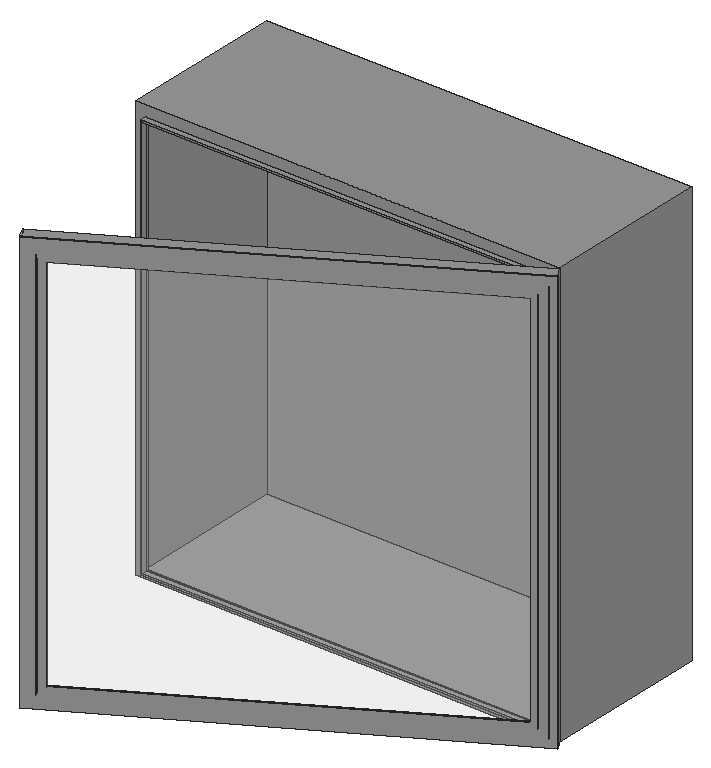
Revit family "Hager-Orion_Inox-IP66-D250-Cl.I-Inox_encl-630A-600mm-NoHosted-CH-de", category Electrical Equipment, Revit 2020
Family settings
  Panel Configuration = Two Columns, Circuits Across
  Round Connector Dimension = Use Diameter
  Part Type = Panelboard
  Work Plane-Based = Yes
  Always vertical = Yes
  Cut with Voids When Loaded = No
  Shared = No
  Room Calculation Point = No
Parameters (values of type "Aufputz IP66 B600 H600 T250  - FL029TWL")
  Width Control [instance] = if([EF000008 - Breite] > Min Width, [EF000008 - Breite], Min Width)  # 600 mm
  Type Comments = [HG000003 - Bereich]  # "Orion Inox"
  Thickness Door [instance] = if([EF009171 - Materialstärke Tür/Deckel] > 3 mm, 3 mm, [EF009171 - Materialstärke Tür/Deckel])  # 1.5 mm
  Seal Frame Offset [instance] = 17 mm  # constant formula
  Min Width [instance] = 100 mm  # constant formula
  Min Depth [instance] = (2 * [EF009170 - Materialstärke Gehäuse]) + 1 mm  # 4 mm
  Min Height [instance] = 100 mm  # constant formula
  Internal Frame Depth [instance] = -(Door System Depth * 0.5)  # -9 mm
  Panel Name [instance] = ""  # (empty or 0)
  Model = ""
  HG000027 - Sockelhöhe = 0 mm
  HG000026 - Stehend auf dem Boden = no
  HG000024 - Höhe des unteren Teils = 600 mm
  HG000023 - Gehäuse mit doppeltem Querschnitt = no
  HG000016 - 3D-Türsichtbarkeit [instance] = yes
  HG000015 - Sichtbarkeit der Türöffnung [instance] = no
  HG000014 - Tür rechts [instance] = yes
  HG000013 - Tür links [instance] = not([HG000014 - Tür rechts])  # no
  HG000012 - Türschwenkwinkel [instance] = 30.00°
  HG000010 - Asymmetrische Türen = no
  HG000009 - Doppelflügeligen Tür = no
  HG000006 - Unterputz = no
  HG000004 - Herstellerreferenz = "FL029TWL"
  HG000003 - Bereich = "Orion Inox"
  HG000002 - Mit tür = yes
  Frame Offset Bottom [instance] = 10 mm  # constant formula
  Frame Offset [instance] = 15 mm  # constant formula
  EF015940 - Deckel mit Überdruckentlastung = no
  EF011959 - Schutzart (NEMA) = ""
  EF009554 - Anzahl der Öffnungen für Flanschplatten = 0
  EF009212 - Ausführung Deckel = "EV000116 - geschlossen"
  EF009171 - Materialstärke Tür/Deckel = 1.5 mm
  EF009170 - Materialstärke Gehäuse = 1.5 mm
  EF008873 - Nennstrom (In) = 630 A
  EF007800 - Geeignet für Blitzschutz = no
  EF006306 - Mit Schloss = yes
  EF006244 - Transparenter Deckel/Tür = yes
  EF005474 - Schutzart (IP) = "EV006422 - IP66"
  EF004464 - Art der Tür = "EV002646 - Einzel"
  EF004427 - Anzahl der Module = 0
  EF004293 - Schlagfestigkeit = "EV006814 - IK08"
  EF003532 - Geeignet für Außengebrauch = yes
  EF002950 - Breite in Teilungseinheiten = 0
  EF001613 - Funktionserhalt = "EV000494 - ohne"
  EF001596 - Werkstoff des Gehäuses = "EV000166 - rostfreier Stahl"
  EF001131 - Innentiefe = 216 mm
  EF001088 - Anbaumöglichkeit = yes
  EF000437 - Anzahl der Leitungseinführungen = 0
  EF000339 - Art der Abdeckung = "EV004216 - Tür"
  EF000266 - Anzahl der Reihen = 0
  EF000218 - Einbautiefe = 0 mm
  EF000118 - Mit Montageplatte = no
  EF000116 - RAL-Nummer = ""
  EF000049 - Tiefe = 250 mm
  EF000040 - Höhe = 600 mm
  EF000008 - Breite = 600 mm
  EF000007 - Farbe = "EV000154 - sonstige"
  EF000003 - Montageart = "EV000384 - Aufputz"
  Door System Leaf Tolerance [instance] = 1.5 mm  # constant formula
  Door System Depth [instance] = 18 mm  # constant formula
  Description = ""
  Default Elevation = 1219.2 mm
  Connector Offset [instance] = Height Control / 2  # 300 mm
  Manufacturer = "Hager"  # constant formula
  Height Control [instance] = if([EF000040 - Höhe] > Min Height, [EF000040 - Höhe], Min Height)  # 600 mm
  Depth Control [instance] = if([EF000049 - Tiefe] > Min Depth, [EF000049 - Tiefe], Min Depth)  # 250 mm
Types (4, lengths in mm): name | Width Control | HG000004 - Herstellerreferenz | EF009212 - Ausführung Deckel | EF006306 - Mit Schloss | EF006244 - Transparenter Deckel/Tür | EF004293 - Schlagfestigkeit | EF001613 - Funktionserhalt | EF000008 - Breite
  Aufputz IP66 B400 H600 T250  - FL029BW | 400 | "FL029BW" | "EV009916 - mit Ausschnitt" | no | no | "EV008784 - IK10" | "" | 400
  Aufputz IP66 B600 H600 T250  - FL029BWL | 600 | "FL029BWL" | "EV009916 - mit Ausschnitt" | no | no | "EV008784 - IK10" | "" | 600
  Aufputz IP66 B600 H600 T250  - FL029TW | 600 | "FL029TW" | "EV000116 - geschlossen" | yes | yes | "EV006814 - IK08" | "EV000494 - ohne" | 600
  Aufputz IP66 B600 H600 T250  - FL029TWL | 600 | "FL029TWL" | "EV000116 - geschlossen" | yes | yes | "EV006814 - IK08" | "EV000494 - ohne" | 600
Reference planes
  plane 1 "Center (Front/Back)": y = 0
  plane 2: z = 0
  plane 3 "Center (Left/Right)": x = 0
  plane 4: y = 0
  plane 5: y = 0
  plane 6: z = 0
  plane 7: x = -300
  plane 8: x = 300
  plane 9: x = 298.5
  plane 10: x = -298.5
  plane 11: z = 0
  plane 12: z = 1.5
  plane 13: y = -250
  plane 14: y = -1.5
  plane 15: x = 0
  plane 16: y = -232
  plane 17: y = -248.5
  plane 18: y = -230.5
  plane 19: x = -283.5
  plane 20: x = 283.5
  plane 21: z = 11.5
  plane 22: x = -283
  plane 23: x = 283
  plane 24: z = 0
  plane 25: z = 600
  plane 26: z = 600
  plane 27: z = 583.5
  plane 28: z = 598.5
Forms (mm)
  Extrusion 1, solid, material "Hager_Stainless_Steel", detail levels medium+fine
    sketch origin (-208.679, -4572, 0) x (-1, 0, 0) y (0, -1, 0)
      loop
        line (91.321, -4340) -> (-508.679, -4340) -> (-508.679, -4572) -> (91.321, -4572) -> (91.321, -4340)
    from 0 to 600
  Extrusion 2, void
    sketch origin (-350.771, -250, 1219.2) x (1, 0, 0) y (0, 0, 1)
      loop
        line (52.271, -620.7) -> (52.271, -1217.7) -> (649.271, -1217.7) -> (649.271, -620.7) -> (52.271, -620.7)
    from -19.5 to -248.5
  Extrusion 3, void
    sketch origin (-290.084, -232, 1219.2) x (1, 0, 0) y (0, 0, 1)
      loop
        line (6.584, -1207.7) -> (573.584, -1207.7) -> (573.584, -635.7) -> (6.584, -635.7) -> (6.584, -1207.7)
    from 0 to -1.5
  Extrusion 4, solid, material "Hager_Stainless_Steel", detail levels fine
    sketch origin (-290.084, -232, 1219.2) x (-1, 0, 0) y (0, 0, 1)
      loop
        line (-573.584, -1207.7) -> (-6.584, -1207.7) -> (-6.584, -635.7) -> (-573.584, -635.7) -> (-573.584, -1207.7)
      loop
        line (-575.084, -1209.2) -> (-5.084, -1209.2) -> (-5.084, -634.2) -> (-575.084, -634.2) -> (-575.084, -1209.2)
    from 0 to -9 <- "Internal Frame Depth"
  Extrusion 5, solid, material "Hager_Stainless_Steel", detail levels coarse
    sketch origin (0, 0, 0) x (1, 0, 0) y (0, 1, 0)
      loop
        line (-300, 0) -> (-300, -250) -> (300, -250) -> (300, 0) -> (-300, 0)
    from 0 to 600 <- "Height Control"
Cuts and joins
  Extrusion 2, Extrusion 3 cuts Extrusion 1
Lines and regions (mm)
  Masking region 1
    outline origin (0, 0, 0) x (1, 0, 0) y (0, 1, 0)
      loop
        line (-300, 0) -> (-300, -250) -> (300, -250) -> (300, 0) -> (-300, 0)
  Masking region 2
    outline origin (-290.084, -232, 1219.2) x (-1, 0, 0) y (0, 0, 1)
      loop
        line (-590.084, -1219.2) -> (9.916, -1219.2) -> (9.916, -619.2) -> (-590.084, -619.2) -> (-590.084, -1219.2)
  Masking region 3, detail levels coarse
    outline origin (0, 0, 0) x (0, 1, 0) y (0, 0, 1)
      loop
        line (0, 0) -> (0, 600) -> (-250, 600) -> (-250, 0) -> (0, 0)
  Masking region 4, detail levels medium+fine
    outline origin (0, 0, 594.038) x (0, 1, 0) y (0, 0, 1)
      loop
        line (0, -594.038) -> (0, 5.962) -> (-232, 5.962) -> (-232, -594.038) -> (0, -594.038)
Dimensions and locks
  locked: plane 1 "Center (Front/Back)" to plane 5
  "EF009170 - Materialstärke Gehäuse": plane 7 to plane 10
  "EF009170 - Materialstärke Gehäuse": plane 8 to plane 9
  equal spacing: plane 7, plane 3 "Center (Left/Right)", plane 8
  "Width Control": plane 7 to plane 8
  "Depth Control": plane 4 to plane 13
  "EF009170 - Materialstärke Gehäuse": plane 4 to plane 14
  "Height Control": plane 25 to level
  "EF009170 - Materialstärke Gehäuse": plane 12 to plane 11
  "EF009170 - Materialstärke Gehäuse": plane 17 to plane 13
  "EF009170 - Materialstärke Gehäuse": plane 18 to plane 16
  "Frame Offset Bottom": plane 21 to plane 12
  "Frame Offset": plane 10 to plane 19
  "Frame Offset": plane 9 to plane 20
  "Door System Depth": plane 16 to plane 13
  "Seal Frame Offset": plane 7 to plane 22
  "Seal Frame Offset": plane 8 to plane 23
  "EF009170 - Materialstärke Gehäuse": plane 26 to plane 28
  "Frame Offset": plane 28 to plane 27
  "Connector Offset": plane 2 to connector elem
  "Thickness Door": cut or joined group of Extrusion 1, Extrusion 2, Extrusion 3 to Extrusion 4 sketch curve
  "Thickness Door": Extrusion 4 sketch curve to plane 19
  "Thickness Door": Extrusion 4 sketch curve to plane 20
  "Thickness Door": Extrusion 4 sketch curve to plane 27
  aligned and locked: Extrusion 2 sketch curve to plane 12
  aligned and locked: Extrusion 2 sketch curve to plane 9
  aligned and locked: Extrusion 2 sketch curve to plane 10
  aligned and locked: plane 14 to Extrusion 2
  aligned and locked: plane 4 to Extrusion 1 sketch curve
  aligned and locked: plane 8 to Extrusion 1 sketch curve
  aligned and locked: plane 7 to Extrusion 1 sketch curve
  aligned and locked: Extrusion 2 to plane 18
  aligned and locked: Extrusion 3 sketch curve to plane 19
  aligned and locked: plane 20 to Extrusion 3 sketch curve
  aligned and locked: Extrusion 3 to Extrusion 2
  aligned and locked: Extrusion 3 sketch curve to plane 21
  aligned and locked: plane 3 "Center (Left/Right)" to nested 1
  aligned and locked: Extrusion 1 sketch curve to plane 16
  aligned and locked: Masking region 1 sketch curve to plane 7
  aligned and locked: Masking region 1 sketch curve to plane 5
  aligned and locked: Masking region 1 sketch curve to plane 8
  aligned and locked: Masking region 2 sketch curve to level
  aligned and locked: level to Masking region 3 sketch curve
  aligned and locked: plane 1 "Center (Front/Back)" to Masking region 3 sketch curve
  aligned and locked: plane 13 to Masking region 3 sketch curve
  aligned and locked: Masking region 2 sketch curve to plane 8
  aligned and locked: Masking region 2 sketch curve to plane 7
  aligned and locked: plane 7 to nested 2
  aligned and locked: nested 2 to plane 5
  aligned and locked: plane 5 to Masking region 4 sketch curve
  aligned and locked: plane 26 to Masking region 4 sketch curve
  aligned and locked: Extrusion 5 sketch curve to plane 8
  aligned and locked: Extrusion 5 sketch curve to plane 7
  aligned and locked: Extrusion 5 sketch curve to plane 5
  aligned and locked: Extrusion 3 sketch curve to plane 27
  aligned and locked: Extrusion 2 sketch curve to plane 28
  aligned and locked: Extrusion 4 sketch curve to plane 27
  aligned and locked: Extrusion 4 sketch curve to plane 20
  aligned and locked: Extrusion 4 sketch curve to plane 21
  aligned and locked: Extrusion 4 sketch curve to plane 19
  aligned and locked: Masking region 2 to plane 25
  aligned and locked: Masking region 4 sketch curve to plane 24
  aligned and locked: Masking region 1 to plane 13
  aligned and locked: nested 1 to plane 16
  aligned and locked: Masking region 3 to plane 25
  aligned and locked: Masking region 4 sketch curve to plane 16
  aligned and locked: plane 24 to plane 11
  aligned and locked: plane 26 to plane 25
  aligned and locked: level to plane 24
  aligned and locked: Extrusion 1 to Masking region 3
  aligned and locked: level to nested 1
Automatic sketch dimensions
  Extrusion 5 sketch curve to plane 13 = 0 mm
  plane 27 to Masking region 2 sketch curve = 16.5 mm
  plane 27 to Masking region 3 sketch curve = 16.5 mm
  Masking region 1 sketch curve to plane 13 = 0 mm
  Extrusion 3 sketch curve to plane 21 = 0 mm
  plane 19 to Extrusion 3 sketch curve = 0 mm
  Extrusion 3 sketch curve to plane 20 = 0 mm
Nested families
  nested 1: "EC000058_OrionInox_Door" at (0, -232, 0), Double <- "HG000009 - Doppelflügeligen Tür", Transparent <- "EF006244 - Transparenter Deckel/Tür", Angle <- "HG000012 - Türschwenkwinkel", Door_Right <- "HG000014 - Tür rechts", Assymetrical <- "HG000010 - Asymmetrische Türen", Door <- "HG000002 - Mit tür", Width_Ctrl <- "Width Control", 3d_Door <- "HG000016 - 3D-Türsichtbarkeit", Clearance <- "HG000015 - Sichtbarkeit der Türöffnung", Door_Left <- "HG000013 - Tür links", Width <- "Width Control", Door_Depth <- "Door System Depth", Leaf_Tolerance <- "Door System Leaf Tolerance", Height <- "Height Control", Thickness <- "Thickness Door", type "EC000058_OrionInox_Door", detail levels medium+fine
    with min_wh 4 mm, Width_Ctrl 600 mm, Width 600 mm, Transparent yes, Thickness 1.5 mm, Seal_Material Hager_Rubber, Leaf_Width 600 mm, Leaf_Tolerance_External_Sides 0 mm, Leaf_Tolerance 1.5 mm, Leaf_Offset 0 mm, Leaf_Height 597 mm, Leaf_2_Width 600 mm, Leaf_2_Offset 300 mm, Leaf_1_Width 600 mm, Leaf_1_Offset 300 mm, Height_Ctrl 600 mm, Height 600 mm, Glass_Material Hager_Glass, Double_Clearance_Ctrl no, Double no, Door_Right_Ctrl yes, Door_Right yes, Door_Material Hager_Stainless_Steel, Door_Left_Ctrl no, Door_Left no, Door_Depth 18 mm, Door yes, Clearance_Material Hager_Clearance, Clearance_Depth 600 mm, Clearance_Ctrl no, Clearance no, Assymetrical no, Angle 30.00°, 3d_Door yes
  nested 2: "Hager_Enclosure_Symbol" at (-300, 0, 0), Height <- "Depth Control", Width <- "Width Control", type "Hager_Enclosure_Symbol"
    with Width_Ctrl 600 mm, Width 600 mm, Height_Ctrl 250 mm, Height 250 mm, A_Width_Int 16.406 mm, A_Width 196.875 mm, A_Height_Ctrl 218.75 mm, A_Height 218.75 mm
Connectors
  electrical at (0, 0, 300)
    settings: on plane 1 "Center (Front/Back)", index 1, voltage 0 V, apparent load 0 VA, apparent load phase1 0 VA, apparent load phase2 0 VA, apparent load phase3 0 VA, power factor 1, load classification "Other", number of poles 1, system type 30, power factor state 1, is connector primary yes, connector utility no, sub classification motor no, connector description ""
Definition of nested family "EC000058_OrionInox_Door"
  Parameters (values of type "EC000058_OrionInox_Door")
    min_wh [instance] = (2 * Thickness) + 1 mm  # 11 mm
    Width_Ctrl [instance] = 400 mm
    Width [instance] = 500 mm
    Transparent [instance] = yes
    Thickness [instance] = 5 mm
    Seal_Material [instance] = none
    Leaf_Width [instance] = if((Width_Ctrl - 2 * Leaf_Tolerance_External_Sides) > 0 mm, (Width_Ctrl - 2 * Leaf_Tolerance_External_Sides), min_wh)  # 400 mm
    Leaf_Tolerance_External_Sides [instance] = 0 mm  # constant formula
    Leaf_Tolerance [instance] = 1.5 mm
    Leaf_Offset [instance] = 0 mm  # constant formula
    Leaf_Height [instance] = if((Height_Ctrl - 2 * Leaf_Tolerance) > 0 mm, (Height_Ctrl - 2 * Leaf_Tolerance), min_wh)  # 497 mm
    Leaf_2_Width [instance] = if(and(and(Double, Assymetrical), Door_Left), (Leaf_Width / 3) - (Leaf_Tolerance / 2), if(and(and(Double, Assymetrical), Door_Right), (Leaf_Width / 3) * 2 - (Leaf_Tolerance / 2), if(and(Double, not(Assymetrical)), (Leaf_Width / 2) - Leaf_Tolerance, Leaf_Width)))  # 400 mm
    Leaf_2_Offset [instance] = if(and(Double, Assymetrical), Leaf_2_Width / 2, if(and(Double, not(Assymetrical)), Leaf_Width / 4, Leaf_Width / 2))  # 200 mm
    Leaf_1_Width [instance] = if(and(and(Double, Assymetrical), Door_Right), (Leaf_Width / 3) - (Leaf_Tolerance / 2), if(and(and(Double, Assymetrical), Door_Left), (Width / 3) * 2 - (Leaf_Tolerance / 2), if(and(Double, not(Assymetrical)), (Leaf_Width / 2) - Leaf_Tolerance, Leaf_Width)))  # 400 mm
    Leaf_1_Offset [instance] = if(and(Double, Assymetrical), Leaf_1_Width / 2, if(and(Double, not(Assymetrical)), Leaf_Width / 4, Leaf_Width / 2))  # 200 mm
    Height_Ctrl [instance] = if(Height > min_wh, Height, min_wh)  # 500 mm
    Height [instance] = 500 mm
    Glass_Material [instance] = none
    Double_Clearance_Ctrl [instance] = and(Double, Clearance)  # no
    Double [instance] = no
    Door_Right_Ctrl [instance] = and(or(Door_Right, Double), Door)  # yes
    Door_Right [instance] = yes
    Door_Material [instance] = none
    Door_Left_Ctrl [instance] = and(or(Door_Left, Double), Door)  # no
    Door_Left [instance] = no
    Door_Depth [instance] = 30 mm
    Door [instance] = yes
    Default Elevation = 1219.2 mm
    Clearance_Material [instance] = none
    Clearance_Depth [instance] = if(Leaf_1_Width > Leaf_2_Width, Leaf_1_Width, Leaf_2_Width)  # 400 mm
    Clearance_Ctrl [instance] = and(not(Double), Clearance)  # yes
    Clearance [instance] = yes
    Assymetrical [instance] = yes
    Angle [instance] = 30.00°
    3d_Door [instance] = yes
  Reference planes
    plane 1 "Center (Front/Back)": y = 0
    plane 2 "Bottom": z = 0
    plane 3 "Center (Left/Right)": x = 0
    plane 4: z = 500
    plane 5: x = -200
    plane 6: x = 200
    plane 7: z = 500
    plane 8: x = -200
    plane 9: z = 0
    plane 10: x = 200
    plane 11: y = 0
    plane 12: z = 1.5
    plane 13: x = -600
    plane 14: y = -400
    plane 15: x = 600
    plane 16: x = 0
    plane 17: x = 0
    plane 18: x = -200
    plane 19: x = 200
    plane 20: z = 498.5
  Forms (mm)
    Extrusion 1, solid, material <- "Clearance_Material", visible <- "Double_Clearance_Ctrl"
      sketch origin (1200, 0, 0) x (1, 0, 0) y (0, 0, -1)
        loop
          line (-1800, -498.5) -> (-600, -498.5) -> (-600, 0) -> (-1800, 0) -> (-1800, -498.5)
      from 0 to -400
  Dimensions and locks
    equal spacing: plane 5, plane 3 "Center (Left/Right)", plane 6
    "Width_Ctrl": plane 5 to plane 6
    "Leaf_Offset": plane 5 to plane 8
    "Leaf_Offset": plane 6 to plane 10
    "Leaf_Offset": plane 9 to level
    "Leaf_Offset": plane 4 to plane 7
    "Height_Ctrl": plane 4 to level
    "Leaf_Tolerance": plane 12 to plane 9
    locked: plane 11 to plane 1 "Center (Front/Back)"
    "Leaf_1_Offset": plane 18 to plane 16
    "Leaf_2_Offset": plane 17 to plane 19
    "Leaf_1_Width": plane 13 to plane 8
    "Leaf_2_Width": plane 10 to plane 15
    "Clearance_Depth": plane 14 to plane 1 "Center (Front/Back)"
    "Leaf_Tolerance_External_Sides": plane 8 to plane 18
    "Leaf_Tolerance_External_Sides": plane 19 to plane 10
    "Leaf_Tolerance": plane 7 to plane 20
    aligned and locked: level to plane 2 "Bottom"
    aligned and locked: nested 1 to plane 16
    aligned and locked: nested 2 to plane 17
    aligned and locked: Extrusion 1 to plane 13
    aligned and locked: plane 15 to Extrusion 1
    aligned and locked: Extrusion 1 to plane 14
    aligned and locked: plane 12 to nested 1
    aligned and locked: nested 2 to plane 12
    aligned and locked: Extrusion 1 to plane 11
    aligned and locked: plane 20 to Extrusion 1
    aligned and locked: nested 2 to plane 11
    aligned and locked: nested 1 to plane 11
  Automatic sketch dimensions
    Extrusion 1 sketch curve to level = 0 mm
    plane 5 to Extrusion 1 sketch curve = 400 mm
    plane 6 to Extrusion 1 sketch curve = 400 mm
    Extrusion 1 sketch curve to plane 4 = 1.5 mm
  Nested families
    nested 1: "EC000058_OrionInox_Door_Leaf" at (0, 0, 1.5), Width <- "Leaf_1_Width", visible <- "Door_Left_Ctrl", Leaf_Height <- "Leaf_Height", Angle <- "Angle", 3d_Door <- "3d_Door", Transparent <- "Transparent", Clearance Material <- "Clearance_Material", Clearance <- "Clearance_Ctrl", Door_Material <- "Door_Material", Glass_Material <- "Glass_Material", Door_Depth <- "Door_Depth", Seal_Material <- "Seal_Material", Thickness <- "Thickness", type "EC000058_OrionInox_Door_Leaf"
      with Width 400 mm, Transparent_Ctrl yes, Transparent yes, Thickness 5 mm, Standard no, Seal_Material none, Seal_D2 8 mm, Seal_D1 1 mm, Offset_Internal_Frame 10 mm, Lock_Width 28 mm, Lock_Thickness 2 mm, Lock_Radius 6 mm, Leaf_Height 497 mm, Internal_Seal_Thickness 8 mm, Internal_Seal_Depth_2 4.5 mm, Internal_Frame_Depth 25 mm, Glass_Thickness -1 mm, Glass_Offset -2 mm, Glass_Material none, Door_Material none, Door_Depth 30 mm, Clearance Material none, Clearance yes, Angle_Ctrl 30.00°, Angle 30.00°, 3d_Door yes
    nested 2: "EC000058_OrionInox_Door_Leaf" at (0, 0, 1.5) x (-1, 0, 0) z (0, 0, 1), Width <- "Leaf_2_Width", visible <- "Door_Right_Ctrl", Leaf_Height <- "Leaf_Height", Angle <- "Angle", 3d_Door <- "3d_Door", Transparent <- "Transparent", Clearance Material <- "Clearance_Material", Clearance <- "Clearance_Ctrl", Door_Material <- "Door_Material", Glass_Material <- "Glass_Material", Door_Depth <- "Door_Depth", Seal_Material <- "Seal_Material", Thickness <- "Thickness", type "EC000058_OrionInox_Door_Leaf"
      with Width 400 mm, Transparent_Ctrl yes, Transparent yes, Thickness 5 mm, Standard no, Seal_Material none, Seal_D2 8 mm, Seal_D1 1 mm, Offset_Internal_Frame 10 mm, Lock_Width 28 mm, Lock_Thickness 2 mm, Lock_Radius 6 mm, Leaf_Height 497 mm, Internal_Seal_Thickness 8 mm, Internal_Seal_Depth_2 4.5 mm, Internal_Frame_Depth 25 mm, Glass_Thickness -1 mm, Glass_Offset -2 mm, Glass_Material none, Door_Material none, Door_Depth 30 mm, Clearance Material none, Clearance yes, Angle_Ctrl 30.00°, Angle 30.00°, 3d_Door yes
  Definition of nested family "EC000058_OrionInox_Door_Leaf"
    Parameters (values of type "EC000058_OrionInox_Door_Leaf")
      Width [instance] = 450 mm
      Transparent_Ctrl [instance] = and(Transparent, [3d_Door])  # yes
      Transparent [instance] = yes
      Thickness [instance] = 5 mm
      Standard [instance] = and(not(Transparent), [3d_Door])  # no
      Seal_Material [instance] = none
      Seal_D2 [instance] = 8 mm  # constant formula
      Seal_D1 [instance] = 1 mm  # constant formula
      Offset_Internal_Frame [instance] = 10 mm  # constant formula
      Lock_Width [instance] = Door_Depth - Lock_Thickness  # 28 mm
      Lock_Thickness [instance] = 2 mm  # constant formula
      Lock_Radius [instance] = 6 mm  # constant formula
      Leaf_Height [instance] = 450 mm
      Internal_Seal_Thickness [instance] = 8 mm  # constant formula
      Internal_Seal_Depth_2 [instance] = 4.5 mm  # constant formula
      Internal_Frame_Depth [instance] = if(Door_Depth - Thickness > 5 mm, Door_Depth - Thickness, 5 mm)  # 25 mm
      Glass_Thickness [instance] = if(Thickness > 15 mm, Glass_Offset + 10 mm, -1 mm)  # -1 mm
      Glass_Offset [instance] = if(Thickness > 15 mm, -(Thickness + 10 mm) / 2, -2 mm)  # -2 mm
      Glass_Material [instance] = none
      Door_Material [instance] = none
      Door_Depth [instance] = 30 mm
      Default Elevation = 0 mm
      Clearance Material [instance] = none
      Clearance [instance] = yes
      Angle_Ctrl [instance] = if(Angle > 180.00°, 180.00°, Angle)  # 90.00°
      Angle [instance] = 90.00°
      3d_Door [instance] = yes
    Reference planes
      plane 1 "Center (Front/Back)": y = 0
      plane 2: z = 0
      plane 3 "Center (Left/Right)": x = 0
      plane 4: y = 450
      plane 5: x = -225
      plane 6: x = 225
      plane 7: x = -675
      plane 8: z = 450
      plane 9: z = 30
      plane 10: z = 420
      plane 11: x = 195
      plane 12: x = -195
      plane 13: y = -3
      plane 14: z = 107.833
      plane 15: y = -5
      plane 16: y = -223.314
      plane 17: x = -225
      plane 18: y = 30
    Forms (mm)
      Extrusion 1, solid, material <- "Clearance Material", visible <- "Clearance"
        sketch origin (0, 0, 0) x (1, 0, 0) y (0, 0, 1)
          loop
            line (-675, 450) -> (-675, 0) -> (225, 0) -> (225, 450) -> (-675, 450)
        from 0 to -450
      Extrusion 2, solid, material <- "Door_Material", visible <- "Standard", detail levels medium+fine
        sketch origin (-225, 0, 0) x (0, 1, 0) y (-1, 0, 0)
          loop
            line (0, 30) -> (0, 25) -> (450, 25) -> (450, 30) -> (0, 30)
        from 0 to 450 <- "Leaf_Height"
      Extrusion 3, solid, material <- "Door_Material", visible <- "Transparent_Ctrl", detail levels medium+fine
        sketch origin (-225, 0, 0) x (0, 1, 0) y (-1, 0, 0)
          loop
            line (0, 25) -> (450, 25) -> (450, 30) -> (0, 30) -> (0, 25)
        from 0 to 450 <- "Leaf_Height"
      Extrusion 4, void
        sketch origin (-250, 450, 0) x (0, 1, 0) y (0, 0, -1)
          loop
            line (-30, -420) -> (-30, -30) -> (-420, -30) -> (-420, -420) -> (-30, -420)
        from 0 to 5 <- "Thickness"
      Sweep 5, solid, material <- "Seal_Material", visible <- "Transparent_Ctrl", detail levels fine
        path in 3D
          loop
            line (-250, 30, 30) -> (-250, 30, 420) -> (-250, 420, 420) -> (-250, 420, 30) -> (-250, 30, 30)
        profile origin (-250, 225, 30) x (1, 0, 0) y (0, 0, 1)
          loop
            line (0, 0) -> (0, -8) -> (1, -8) -> (1, 0) -> (0, 0)
      Extrusion 6, solid, material <- "Glass_Material", visible <- "Transparent_Ctrl", detail levels medium+fine
        sketch origin (-255, 0, 0) x (0, 1, 0) y (0, 0, -1)
          loop
            line (420, -420) -> (420, -30) -> (30, -30) -> (30, -420) -> (420, -420)
        from -2 <- "Glass_Offset" to -1 <- "Glass_Thickness"
      Extrusion 7, solid, material <- "Door_Material", visible <- "3d_Door", detail levels medium+fine
        sketch origin (-250, 450, 0) x (0, -1, 0) y (0, 0, -1)
          loop
            line (0, -450) -> (450, -450) -> (450, 0) -> (0, 0) -> (0, -450)
          loop
            line (445, -5) -> (5, -5) -> (5, -445) -> (445, -445) -> (445, -5)
        from 0 to 25 <- "Internal_Frame_Depth"
      Sweep 8, solid, material <- "Seal_Material", visible <- "Transparent_Ctrl", detail levels fine
        path in 3D
          loop
            line (-250, 0, 0) -> (-250, 450, 0) -> (-250, 450, 450) -> (-250, 0, 450) -> (-250, 0, 0)
        profile origin (-250, 0, 225) x (1, 0, 0) y (0, 1, 0)
          loop
            line (0, 10) -> (2.975, 10)
            arc (2.975, 10) -> (4.053, 10.447) -> (4.5, 11.525) r 1.525
            line (4.5, 11.525) -> (4.5, 16.527)
            arc (4.5, 16.527) -> (4.069, 17.569) -> (3.027, 18) r 1.473
            line (3.027, 18) -> (0, 18) -> (0, 10)
    Cuts and joins
      Extrusion 4 cuts Extrusion 3
    Lines and regions (mm)
      Masking region 1, detail levels medium+fine
        outline origin (0, 0, 0) x (0, 1, 0) y (0, 0, 1)
          loop
            line (0, 0) -> (30, 0) -> (30, 450) -> (0, 450) -> (0, 0)
      Masking region 2, detail levels medium+fine
        outline origin (0, 0, 0) x (1, 0, 0) y (0, 0, 1)
          loop
            line (-225, 450) -> (-225, 0) -> (225, 0) -> (225, 450) -> (-225, 450)
      symbolic lines
        curve 1: line (225, 0, 0) -> (-675, 0, 0)
        curve 2: arc (225, 0, 0) -> (-225, 450, 0) -> (-675, 0, 0) r 450
        curve 4: line (-255, 0, 0) -> (-255, 450, 0)
      reference lines
        curve 3: line (-225, 0, 0) -> (-225, 450, 0)
      symbolic lines, detail levels medium+fine
        curve 5: line (-255, 450, 0) -> (-250, 450, 0)
        curve 7: line (-250, 0, 0) -> (-255, 0, 0)
        curve 8: line (-250, 0, 0) -> (-225, 0, 0)
        curve 9: line (-225, 0, 0) -> (-225, 450, 0)
        curve 10: line (-225, 450, 0) -> (-250, 450, 0)
      symbolic lines, detail levels fine
        curve 6: line (-250, 450, 0) -> (-250, 0, 0)
      sketch lines
        curve 11: line (-250, 0, 450) -> (-250, 0, 0)
        curve 12: line (-250, 450, 0) -> (-250, 0, 0)
        curve 13: line (-250, 450, 450) -> (-250, 450, 0)
        curve 14: line (-250, 0, 450) -> (-250, 450, 450)
        curve 15: line (-250, 420, 30) -> (-250, 30, 30)
        curve 16: line (-250, 30, 30) -> (-250, 30, 420)
        curve 17: line (-250, 420, 420) -> (-250, 420, 30)
        curve 18: line (-250, 30, 420) -> (-250, 420, 420)
      symbolic lines, visible <- "Transparent", detail levels medium+fine
        curve 19: line (-195, 0, 420) -> (195, 0, 420)
        curve 20: line (-195, 0, 30) -> (-195, 0, 420)
        curve 21: line (195, 0, 30) -> (-195, 0, 30)
        curve 22: line (195, 0, 420) -> (195, 0, 30)
    Dimensions and locks
      "Width": plane 1 "Center (Front/Back)" to plane 4
      equal spacing: plane 5, plane 3 "Center (Left/Right)", plane 6
      "Width": plane 5 to plane 6
      "Width": plane 7 to plane 5
      "Leaf_Height": plane 8 to level
      "Width": curve 5 to curve 3
      "Width": curve 3 to curve 3
      plane 8 to plane 10 = 30 mm
      plane 9 to level = 30 mm
      plane 12 to plane 5 = 30 mm
      plane 6 to plane 11 = 30 mm
      Extrusion 4 sketch curve to Extrusion 3 = 30 mm
      Extrusion 3 to Extrusion 4 sketch curve = 30 mm
      Extrusion 1 to Extrusion 4 sketch curve = 30 mm
      curve 3 to Extrusion 4 sketch curve = 30 mm
      Extrusion 4 sketch curve to cut or joined group of Extrusion 3, Extrusion 4 = 30 mm
      cut or joined group of Extrusion 3, Extrusion 4 to Extrusion 6 sketch curve = 30 mm
      cut or joined group of Extrusion 3, Extrusion 4 to Extrusion 4 sketch curve = 30 mm
      "Thickness": curve 6 to curve 4
      "Thickness": Extrusion 7 sketch curve to Extrusion 7 sketch curve  (x4)
      "Door_Depth": curve 4 to curve 3
      "Offset_Internal_Frame": profile plane to Sweep 8 sketch curve
      "Internal_Seal_Thickness": Sweep 8 sketch curve to Sweep 8 sketch curve
      "Internal_Seal_Depth_2": profile plane to Sweep 8 sketch curve
      "Seal_D1": profile plane to Sweep 5 sketch curve
      "Seal_D2": profile plane to Sweep 5 sketch curve
      "Thickness": Extrusion 2 sketch curve to Extrusion 2 sketch curve
      "Door_Depth": plane 18 to plane 1 "Center (Front/Back)"
      radius of Sweep 8 sketch curve = 1.525 mm
      radius of Sweep 8 sketch curve = 1.473 mm
      "Angle_Ctrl": angle plane 1 "Center (Front/Back)" to curve 3
      aligned and locked: level to plane 2
      aligned and locked: Extrusion 1 to curve 1
      aligned and locked: plane 6 to Extrusion 1
      aligned and locked: plane 1 "Center (Front/Back)" to Extrusion 1
      aligned and locked: plane 4 to Extrusion 1
      aligned and locked: plane 8 to Extrusion 1
      aligned and locked: curve 7 to Extrusion 2 sketch curve
      aligned and locked: curve 5 to Extrusion 2 sketch curve
      aligned and locked: curve 7 to Extrusion 3 sketch curve
      aligned and locked: Extrusion 3 sketch curve to curve 4
      aligned and locked: Extrusion 3 sketch curve to curve 6
      aligned and locked: Extrusion 3 sketch curve to curve 5
      aligned and locked: curve 9 to curve 3
      aligned and locked: Extrusion 7 sketch curve to cut or joined group of Extrusion 3, Extrusion 4  (x4)
      aligned and locked: plane 17 to curve 3
      aligned and locked: plane 1 "Center (Front/Back)" to curve 3
      aligned and locked: plane 17 to plane 5
      aligned and locked: Sweep 8 sketch curve to profile plane
      aligned and locked: Sweep 5 sketch curve to profile plane  (x2)
      aligned and locked: plane 1 "Center (Front/Back)" to Masking region 1 sketch curve
      aligned and locked: plane 18 to Masking region 1 sketch curve
      aligned and locked: level to Masking region 1 sketch curve
      aligned and locked: Masking region 1 sketch curve to plane 8
      aligned and locked: plane 17 to Masking region 2 sketch curve
      aligned and locked: level to Masking region 2 sketch curve
      aligned and locked: Masking region 2 sketch curve to plane 8
      aligned and locked: plane 12 to curve 20
      aligned and locked: plane 10 to curve 19
      aligned and locked: plane 11 to curve 22
      aligned and locked: plane 9 to curve 21
      aligned and locked: Extrusion 2 sketch curve to cut or joined group of Extrusion 3, Extrusion 4
    Automatic sketch dimensions
      plane 1 "Center (Front/Back)" to curve 2 = 0 mm
      curve 2 to plane 5 = 0 mm
      Extrusion 1 sketch curve to level = 0 mm
      Extrusion 1 sketch curve to plane 7 = 0 mm
      Extrusion 1 sketch curve to plane 6 = 0 mm
      Extrusion 1 sketch curve to plane 8 = 0 mm
      Extrusion 3 to Extrusion 6 sketch curve = 30 mm  (x4)
      Masking region 2 sketch curve to plane 6 = 0 mm
      curve 4 to curve 3 = 0 mm
Definition of nested family "Hager_Enclosure_Symbol"
  Parameters (values of type "Hager_Enclosure_Symbol")
    Width_Ctrl [instance] = if(Width > 1 mm, Width, 1 mm)  # 102.27 mm
    Width [instance] = 102.27 mm
    Height_Ctrl [instance] = if(Height > 1 mm, Height, 1 mm)  # 66.5 mm
    A_Width_Int [instance] = if(A_Width / 12 > 2 mm, A_Width / 12, 2 mm)  # 4.364 mm
    A_Width [instance] = if(A_Height_Ctrl * 0.9 > 2 mm, A_Height_Ctrl * 0.9, 2 mm)  # 52.369 mm
    A_Height_Ctrl [instance] = if(A_Height > 2 mm, A_Height, 2 mm)  # 58.188 mm
    Height [instance] = 66.5 mm
    A_Height [instance] = Height - (Height / 8)  # 58.188 mm
  Reference planes
    plane 1 "Centre (avant/arrière)": y = 0
    plane 2: z = 0
    plane 3 "Centre (gauche/droite)": x = 0
    plane 4: x = 52.369
    plane 5: y = 33.042
    plane 6: y = 41.77
    plane 7: y = 66.5
    plane 8: x = 26.184
    plane 9: y = 37.406
    plane 10: x = 102.27
    plane 11: y = 66.5
    plane 12: y = 8.313
  Lines and regions (mm)
    Filled region 1, type "Solid_Black", in view "Niveau de réf."
      outline origin (0, 0, 0) x (1, 0, 0) y (0, 1, 0)
        loop
          line (52.369, 66.5) -> (33.188, 54.536) -> (45.365, 45.006) -> (52.369, 66.5)
    Filled region 2, type "Solid_Black", in view "Niveau de réf."
      outline origin (0, 0, 0) x (1, 0, 0) y (0, 1, 0)
        loop
          line (0, 0) -> (102.27, 0) -> (102.27, 66.5) -> (0, 0)
    detail lines, in view "Niveau de réf."
      curve 1: line (0, 8.313, 0) -> (26.184, 41.77, 0)
      curve 2: line (26.184, 41.77, 0) -> (26.184, 33.042, 0)
      curve 3: line (26.184, 33.042, 0) -> (52.369, 66.5, 0)
  Dimensions and locks
    "A_Width": plane 3 "Centre (gauche/droite)" to plane 4
    equal spacing: plane 3 "Centre (gauche/droite)", plane 8, plane 4
    equal spacing: plane 6, plane 9, plane 5
    equal spacing: curve 3, Filled region 1 sketch curve, Filled region 1 sketch curve
    "Height_Ctrl": plane 1 "Centre (avant/arrière)" to plane 11
    "A_Height_Ctrl": plane 11 to plane 12
    equal spacing: plane 11, plane 9, plane 12
    "A_Width_Int": plane 6 to plane 9
    "Width_Ctrl": plane 3 "Centre (gauche/droite)" to plane 10
    angle Filled region 1 sketch curve to curve 3 = 20.00°
    angle curve 3 to Filled region 1 sketch curve = 20.00°
    locked: curve 3 to Filled region 1 sketch curve (angle 90.00°)
    aligned and locked: plane 10 to Filled region 2
    aligned and locked: plane 11 to Filled region 2 sketch curve
    aligned and locked: plane 10 to Filled region 2 sketch curve
    aligned and locked: plane 3 "Centre (gauche/droite)" to curve 1
    aligned and locked: plane 12 to curve 1
    aligned and locked: plane 7 to plane 11
  Automatic sketch dimensions
    Filled region 1 sketch curve to plane 4 = 0 mm
    Filled region 1 sketch curve to plane 7 = 0 mm
    plane 1 "Centre (avant/arrière)" to Filled region 2 sketch curve = 0 mm
    Filled region 2 sketch curve to plane 3 "Centre (gauche/droite)" = 0 mm
    curve 2 to plane 6 = 0 mm
    curve 2 to plane 8 = 0 mm
    curve 3 to plane 4 = 0 mm
    curve 2 to plane 5 = 0 mm
    curve 3 to plane 7 = 0 mm
